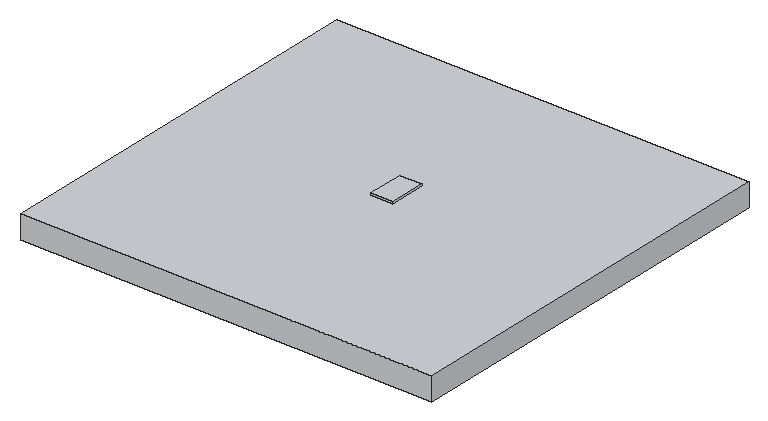
Revit family "M_Tomada de chão isolada", category Iluminação elétrica, Revit 2019
Family settings
  Hospedeiro = Face
  Manter orientação da anotação = Sim
  Cota do conector redondo = Utilizar diâmetro
  Tipo de parte = Normal
  Número OmniClass = 23.80.50.11.17
  Título OmniClass = Ground Fault Receptacles
  ID de item do Seek = Isolated Ground Receptacle-0000-CAN-ENU
  Corte com vazios quando carregada = Não
  Compartilhado = Não
  Ponto de cálculo do ambiente = Não
Parameters (values of type "Padrão")
  Voltagem do interruptor = 120 V
  Classificação de carga = Receptáculo
  Carga = 180 VA
  Legenda = "IG"
  Elevação-padrão = 460 mm
  Assembly Code = ""
Reference planes
  plane 1 "Centro (Frente/Trás)": y = 0
  plane 2: z = 0
  plane 3 "Centro (Esquerda/Direita)": x = 0
  plane 4: x = -34.925
  plane 5: x = 34.925
  plane 6: x = -19.05
  plane 7: x = 19.05
  plane 8: y = 57.15
  plane 9: y = -57.15
  plane 10: y = 38.1
  plane 11: y = -38.1
  plane 12 "nível acima": z = 4.762
  plane 13 "nível abaixo": z = -53.975
Forms (mm)
  Extrusion 1, solid
    sketch origin (0, 0, 0) x (1, 0, 0) y (0, 1, 0)
      loop
        line (-644.525, 571.5) -> (-644.525, -666.75) -> (644.525, -666.75) -> (644.525, 571.5) -> (-644.525, 571.5)
    from 0 to -72.672
  Extrusion 2, solid
    sketch origin (0, 0, 0) x (1, 0, 0) y (0, 1, 0)
      loop
        line (-34.925, 57.15) -> (-34.925, -57.15) -> (34.925, -57.15) -> (34.925, 57.15) -> (-34.925, 57.15)
    from 0 to 4.762
  Extrusion 3, solid
    sketch origin (0, 0, 0) x (1, 0, 0) y (0, 1, 0)
      loop
        line (-19.05, 38.1) -> (-19.05, -38.1) -> (19.05, -38.1) -> (19.05, 38.1) -> (-19.05, 38.1)
    from 0 to -53.975
Lines and regions (mm)
  symbolic lines, detail levels fine
    curve 1: line (34.925, 0, 0) -> (-34.925, 0, 0)
    curve 2: line (34.925, 0, 4.762) -> (34.925, 0, 0)
    curve 3: line (-34.925, 0, 4.762) -> (34.925, 0, 4.762)
    curve 4: line (-34.925, 0, 0) -> (-34.925, 0, 4.762)
    curve 5: line (19.05, 0, -53.975) -> (-19.05, 0, -53.975)
    curve 6: line (19.05, 0, 0) -> (19.05, 0, -53.975)
    curve 7: line (-19.05, 0, -53.975) -> (-19.05, 0, 0)
Dimensions and locks
  equal spacing: plane 6, plane 3 "Centro (Esquerda/Direita)", plane 7, locked at 19.05 each
  locked: plane 6 to plane 7 at 38.1
  equal spacing: plane 4, plane 3 "Centro (Esquerda/Direita)", plane 5, locked at 34.925 each
  locked: plane 4 to plane 5 at 69.85
  locked: plane 8 to plane 9 at 114.3
  locked: plane 12 "nível acima" to level at 4.763
  locked: level to plane 13 "nível abaixo" at 53.975
  locked: plane 10 to plane 11 at 76.2
  equal spacing: plane 10, plane 1 "Centro (Frente/Trás)", plane 11, locked at 38.1 each
  equal spacing: plane 8, plane 1 "Centro (Frente/Trás)", plane 9, locked at 57.15 each
  aligned and locked: plane 2 to Extrusion 1
  aligned and locked: level to Extrusion 1
  aligned and locked: plane 8 to Extrusion 2
  aligned and locked: Extrusion 2 to plane 9
  aligned and locked: plane 5 to Extrusion 2
  aligned and locked: Extrusion 2 to plane 4
  aligned and locked: Extrusion 2 to level
  aligned and locked: plane 12 "nível acima" to Extrusion 2
  aligned and locked: plane 10 to Extrusion 3
  aligned and locked: Extrusion 3 to plane 6
  aligned and locked: plane 7 to Extrusion 3
  aligned and locked: Extrusion 3 to plane 11
  aligned and locked: Extrusion 3 to level
  aligned and locked: Extrusion 3 to plane 13 "nível abaixo"
  aligned and locked: curve 4 to plane 4
  aligned and locked: plane 5 to curve 2
  aligned and locked: curve 3 to plane 12 "nível acima"
  aligned and locked: plane 2 to curve 1
  aligned and locked: curve 7 to plane 6
  aligned and locked: plane 7 to curve 6
  aligned and locked: plane 13 "nível abaixo" to curve 5
  aligned and locked: plane 1 "Centro (Frente/Trás)" to nested 1
  aligned and locked: plane 3 "Centro (Esquerda/Direita)" to nested 1
Automatic sketch dimensions
  Extrusion 2 sketch curve to plane 4 = 0 mm
  Extrusion 2 sketch curve to plane 5 = 0 mm
  Extrusion 2 sketch curve to plane 9 = 0 mm
  Extrusion 2 sketch curve to plane 8 = 0 mm
  Extrusion 3 sketch curve to plane 6 = 0 mm
  Extrusion 3 sketch curve to plane 7 = 0 mm
  Extrusion 3 sketch curve to plane 11 = 0 mm
  Extrusion 3 sketch curve to plane 10 = 0 mm
  Extrusion 1 sketch curve to Extrusion 1 sketch curve = 1289.05 mm
  Extrusion 1 sketch curve to Extrusion 1 sketch curve = 1238.25 mm
Nested families
  nested 1: "M_Anotação da tomada 1" at (0, 0, 0), type "Anotação de tomada 1", detail levels coarse+medium
Connectors
  electrical at (0, 38.1, -26.988), driven by "Voltagem do interruptor", driven by "Carga", driven by "Classificação de carga"
    settings: on Extrusion 3, index 1, voltage 120 V, apparent load 0 VA, apparent load phase1 180 VA, apparent load phase2 0 VA, apparent load phase3 0 VA, power factor 1, load classification "Receptáculo", number of poles 1, system type 31, power factor state 1, is connector primary yes, connector utility no, sub classification motor no, connector description ""
Definition of nested family "M_Anotação da tomada 1"
  Parameters
    Anotação de legenda = "IG"
  Reference planes
    plane 1: y = 0
    plane 2: x = 0
  Lines and regions (mm)
    reference lines
      curve 1: line (-14.331, 3.175, 0) -> (15.536, 3.175, 0)
    detail lines
      curve 2: circle (0, 3.175, 0) r 1.588 normal (0, 0, 1)
      curve 3: line (-0.397, 4.712, 0) -> (-0.397, 0, 0)
      curve 4: line (0.397, 4.712, 0) -> (0.397, 0, 0)
  Text (mm)
    label "CTR" at (0.836, 5.896, 0), shows "Anotação de legenda"
  Dimensions and locks
    locked: plane 1 to curve 1 at 3.175
    locked: curve 3 to plane 2 at 0.397
    locked: plane 2 to curve 4 at 0.397
    radius of curve 2 = 1.588 mm
    aligned and locked: curve 1 to curve 2
    aligned and locked: plane 2 to curve 2
    aligned and locked: plane 1 to curve 4
